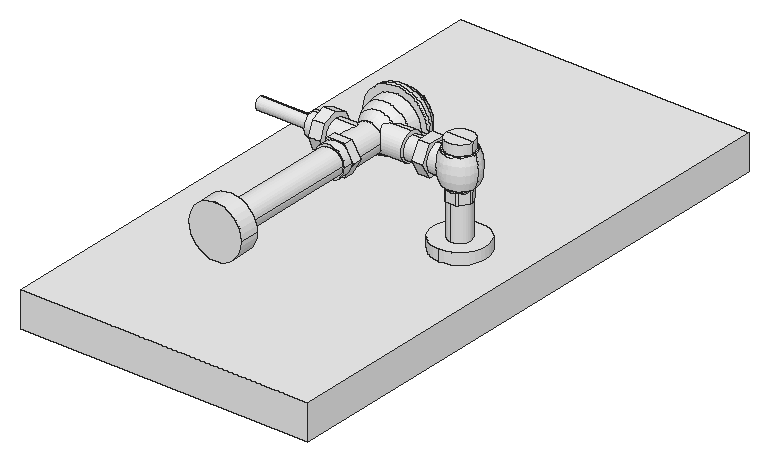
Revit family "Flush_valve-Manual-Zurn-Exposed-Water_closet-Z6000PL", category Plumbing Fixtures, host Face, Revit 2022
Family settings
  Host = Face
  Round Connector Dimension = Use Radius
  Part Type = Normal
  OmniClass Number = 23.45.05.14.99
  OmniClass Title = Other Sanitary Washing Plumbing Fixtures
  Cut with Voids When Loaded = No
  Maintain Annotation Orientation = No
  Shared = No
  Room Calculation Point = No
Parameters (values of type "Load Family Type Catalog")
  Waste Connection = 1 = 0  # no
  WFU = 0  # constant formula
  Vent Connection = 1 = 0  # no
  Valve Height [instance] = 11.50"
  Type Comments = "Z6000PL-ONE (1.1 GPF, 11-1/2\" R-I)"
  Repair Parts URL = "https://files.zurn.com/care-cleaning-install-warranty-sheets/fv250.pdf"
  Product data URL = "https://bimobject.com/zurnindustries/product/Z6000PL"
  Product Page URL = "https://www.zurn.com/products/finish-plumbing/manual-flush-valves/diaphragm/z6000pl"
  Product Installation Sheet URL = "https://files.zurn.com/care-cleaning-install-warranty-sheets/fv250.pdf"
  Product Documentation Link = "https://files.zurn.com/spec-sheets/ss-z6000.pdf"
  Operating Water Pressure (PSI) = "25 – 80 PSI (172 – 552 kPa)"  # constant formula
  Modified Date = "07/28/2025"  # constant formula
  Max Working Water Temperature = 104 °F  # constant formula
  Manufacturer Brand = "Zurn"  # constant formula
  Main Material = Chrome-Plated Brass - Zurn - Polished
  Inlet Connection Size (inch) = 1.00"
  HWFU = 0  # constant formula
  HW Connection = 1 = 0  # no
  Flush Rate (GPF) = "1.1 GPF"
  Enter Value of  Centerline of Flush Valve to Wall (2.25- 4.25) [instance] = 5.00"
  URL = "https://www.zurn.com/"
  Model = "Z6000PL"  # constant formula
  Manufacturer = "Zurn Water, LLC"  # constant formula
  Description = "Exposed Flush Valve for Water Closets"  # constant formula
  Default Elevation = 48.00"
  Date Created = "07/28/2025"  # constant formula
  Centerline of Stop Valve to Centerline of Flush Valve = 4.75"  # constant formula
  Centerline of Flush Valve to Wall [instance] = if([Enter Value of  Centerline of Flush Valve to Wall (2.25- 4.25)] < 2.25", 2.25", if([Enter Value of  Centerline of Flush Valve to Wall (2.25- 4.25)] > 4.25", 4.25", [Enter Value of  Centerline of Flush Valve to Wall (2.25- 4.25)]))  # 4.25"
  CWFU = 1  # constant formula
  CW Connection = 1 = 1  # yes
  Assembly Code = "D2010.60"
  Activation Method = "Manual Operated"  # constant formula
Reference planes (in)
  plane 1 "Center (Front/Back)": y = 0
  plane 2: z = 0
  plane 3 "Center (Left/Right)": x = 0
  plane 4: y = 0
  plane 5: x = 4.75
  plane 6: z = 4.25
  plane 7: z = 4.25
  plane 8: x = 1.44
  plane 9: z = 4.25
  plane 10: y = 22.38
  plane 11: x = -1.2
  plane 12: x = -1.5
  plane 13: y = 9.13
  plane 14: y = 8.63
  plane 15: y = 8.13
  plane 16: z = -2
  plane 17: y = 11.5
  plane 18: z = 0.625
  plane 19: y = 6.015
  plane 20: y = 5.45
Forms (in)
  Extrusion 1, solid, material "Chrome-Plated Brass - Zurn - Polished" <- "Main Material"
    sketch origin (20.08675, -5.08734, 0) x (1, 0, 0) y (0, 1, 0)
      loop
        line (-28.30267, 32.83734) -> (-28.30267, 1.43535) -> (-11.87083, 1.43535) -> (-11.87083, 32.83734) -> (-28.30267, 32.83734)
    from 0 to -2
  Revolve 2, solid, material "Chrome-Plated Brass - Zurn - Polished" <- "Main Material"
    sketch origin (3.14024, -180, 4.25) x (-1, 0, 0) y (0, -1, 0)
      loop
        line (3.14024, -188.13) -> (3.14024, -181.34) -> (2.39024, -181.34) -> (2.39024, -188.13) -> (3.14024, -188.13)
      axis (3.14024, -188.13) -> (3.14024, -181.34)
    angle from 0 to 360
  Extrusion 3, solid, material "Chrome-Plated Brass - Zurn - Polished" <- "Main Material", detail levels fine
    sketch origin (-21.97181, 22.38, 48) x (-1, 0, 0) y (0, 0, 1)
      loop
        line (-22.4793, -42.871) -> (-22.98679, -43.75) -> (-22.4793, -44.629) -> (-21.33031, -44.629) -> (-20.88983, -43.86605) -> (-21.46432, -42.871) -> (-22.4793, -42.871)
    from -13.25 to -13.75
  Extrusion 4, solid, material "Chrome-Plated Brass - Zurn - Polished" <- "Main Material", detail levels fine
    sketch origin (0, 0, 0) x (1, 0, 0) y (0, 0, 1)
      loop
        circle (0, 4.25) r 0.86693
    from -8.63 to -8.13
  Extrusion 5, solid, material "Chrome-Plated Brass - Zurn - Polished" <- "Main Material"
    sketch origin (0, 18.18451, 4.25) x (0, 1, 0) y (-1, 0, 0)
      loop
        circle (-6.68451, -4.75) r 1.5
    from -3.625 to -4.25
  Extrusion 6, solid, material "Chrome-Plated Brass - Zurn - Polished" <- "Main Material"
    sketch origin (0, 18.18451, 4.25) x (0, 1, 0) y (-1, 0, 0)
      loop
        circle (-6.68451, -4.75) r 0.625
    from 0 to -3.625
  Extrusion 7, solid, material "Chrome-Plated Brass - Zurn - Polished" <- "Main Material", detail levels coarse+medium
    sketch origin (0, 0, 0) x (1, 0, 0) y (0, 0, 1)
      loop
        circle (0, 4.25) r 1.08
    from -9.13 to -8.13
Lines and regions (in)
  Masking region 1
    outline origin (0, 0, 0) x (1, 0, 0) y (0, 0, 1)
      loop
        line (-5.75, 3.91) -> (-2.74, 3.91) -> (-2.74, 3.611) -> (-2.14, 3.611) -> (-2.14, 3.1937) -> (-1.5, 3.1937)
        arc (-1.5, 3.1937) -> (0.15878, 2.42228) -> (1.65968, 3.4682) r 1.8346
        line (1.65968, 3.4682) -> (2.82524, 3.4682) -> (2.82524, 3.24) -> (3.67284, 3.24) -> (3.67284, 0.625) -> (3.25, 0.625) -> (3.25, 0) -> (6.25, 0) -> (6.25, 0.625) -> (5.84, 0.625) -> (5.84, 5.7) -> (3.66, 5.7) -> (3.66, 5.26) -> (2.82524, 5.26) -> (2.82524, 5.03116) -> (1.65999, 5.03116)
        arc (1.65999, 5.03116) -> (0.15914, 6.07769) -> (-1.5, 5.3063) r 1.8346
        line (-1.5, 5.3063) -> (-2.14, 5.3063) -> (-2.14, 4.889) -> (-2.74, 4.889) -> (-2.74, 4.59) -> (-5.75, 4.59) -> (-5.75, 3.91)
  symbolic lines, detail levels fine
    curve 1: arc (16.13166, 1.53838, 0) -> (16.10438, 1.57544, 0) -> (16.06088, 1.56041, 0) r 0.03882
    curve 2: arc (16.01901, -1.49785, 0) -> (16.0878, -1.52321, 0) -> (16.13166, -1.46447, 0) r 0.06127
Dimensions and locks (in)
  locked: plane 4 to plane 1 "Center (Front/Back)"
  "Centerline of Stop Valve to Centerline of Flush Valve": plane 3 "Center (Left/Right)" to plane 5
  "Centerline of Flush Valve to Wall": plane 6 to Extrusion 1
  locked: plane 7 to plane 6
  locked: plane 3 "Center (Left/Right)" to plane 8 at 1.44
  locked: nested 2 to plane 9 at 1.45
  locked: nested 3 to Revolve 2 sketch curve at 0.75
  locked: plane 11 to plane 3 "Center (Left/Right)" at 1.2
  locked: plane 12 to plane 3 "Center (Left/Right)" at 1.5
  locked: plane 14 to plane 15 at 0.5
  equal spacing: Extrusion 1 sketch curve, plane 3 "Center (Left/Right)", Extrusion 1 sketch curve
  locked: Extrusion 1 sketch curve to Extrusion 1 sketch curve at 16.43183
  locked: plane 4 to Extrusion 1 sketch curve at 3.652
  locked: level to plane 16 at 2
  "Valve Height": plane 17 to plane 4
  locked: plane 18 to level at 0.625
  plane 15 to plane 19 = 2.115"
  locked: plane 15 to plane 20 at 2.68
  locked: plane 13 to plane 14 at 0.5
  locked: plane 17 to plane 13 at 2.37
  equal spacing: Masking region 1 sketch curve, nested 3, Masking region 1 sketch curve  (x3)
  locked: Masking region 1 sketch curve to Masking region 1 sketch curve at 0.68
  locked: Masking region 1 sketch curve to Masking region 1 sketch curve at 1.278
  locked: Masking region 1 sketch curve to Masking region 1 sketch curve at 2.1126
  equal spacing: Masking region 1 sketch curve, plane 5, Masking region 1 sketch curve  (x2)
  locked: Masking region 1 sketch curve to Masking region 1 sketch curve at 2.18
  locked: Masking region 1 sketch curve to Masking region 1 sketch curve at 3
  equal spacing: Masking region 1 sketch curve, plane 9, Masking region 1 sketch curve
  locked: Masking region 1 sketch curve to Masking region 1 sketch curve at 2.02
  aligned and locked: nested 1 to plane 3 "Center (Left/Right)"
  aligned and locked: nested 1 to plane 4
  aligned and locked: nested 1 to plane 7
  aligned and locked: nested 3 to plane 6
  aligned and locked: nested 3 to plane 3 "Center (Left/Right)"
  aligned and locked: plane 7 to plane 9
  aligned and locked: Revolve 2 sketch curve to plane 3 "Center (Left/Right)"
  aligned and locked: Extrusion 3 sketch curve to nested 3  (x5)
  aligned and locked: Extrusion 3 to plane 14
  aligned and locked: nested 1 to Extrusion 4 sketch curve  (x2)
  aligned and locked: Extrusion 4 to Extrusion 3
  aligned and locked: Extrusion 4 to plane 15
  aligned and locked: plane 17 to nested 2
  aligned and locked: plane 5 to Extrusion 5 sketch curve
  aligned and locked: plane 17 to Extrusion 5 sketch curve
  aligned and locked: Extrusion 5 to Extrusion 1
  aligned and locked: plane 18 to Extrusion 5
  aligned and locked: nested 2 to Extrusion 6 sketch curve
  aligned and locked: plane 17 to Extrusion 6 sketch curve
  aligned and locked: Extrusion 6 to Extrusion 5
  aligned and locked: nested 3 to Extrusion 6
  aligned and locked: Revolve 2 sketch curve to Extrusion 4
  aligned and locked: Revolve 2 sketch curve to Revolve 2 sketch curve
  aligned and locked: nested 3 to plane 17
  aligned and locked: plane 13 to Extrusion 3
  aligned and locked: nested 1 to Extrusion 7 sketch curve  (x2)
  aligned and locked: plane 13 to Extrusion 7
  aligned and locked: Extrusion 7 to plane 15
  aligned and locked: Masking region 1 sketch curve to nested 3  (x3)
  aligned and locked: nested 3 to Masking region 1 sketch curve  (x2)
  aligned and locked: Masking region 1 sketch curve to nested 2  (x3)
  aligned and locked: Extrusion 1 to Masking region 1 sketch curve
  aligned and locked: Masking region 1 sketch curve to Extrusion 5  (x2)
  aligned and locked: plane 3 "Center (Left/Right)" to Masking region 1 sketch curve
  aligned and locked: nested 1 to Masking region 1 sketch curve  (x3)
  aligned and locked: nested 1 to Revolve 2 sketch curve
Automatic sketch dimensions
  plane 1 "Center (Front/Back)" to curve 2 = 1.46447"
  plane 5 to curve 2 = 11.32039"
  curve 2 to curve 1 = 0.02245"
  curve 1 to plane 1 "Center (Front/Back)" = 1.53838"
  curve 2 to curve 2 = 0.05138"
  curve 1 to curve 1 = 0.03196"
  curve 1 to curve 1 = 0.03882"
  curve 2 to curve 2 = 0.06127"
  Extrusion 3 sketch curve to plane 3 "Center (Left/Right)" = 0.6415"
  Extrusion 3 sketch curve to plane 6 = 0.11605"
  Extrusion 1 sketch curve to Extrusion 1 sketch curve = 31.402"
  Masking region 1 sketch curve to plane 12 = 0.00"  (x2)
  plane 8 to Masking region 1 sketch curve = 0.21999"
  Masking region 1 sketch curve to Masking region 1 sketch curve = 0.8476"
  plane 8 to Masking region 1 sketch curve = 0.21968"
  Revolve 2 sketch curve to plane 15 = 0.00"
  plane 1 "Center (Front/Back)" to Revolve 2 sketch curve = 0.69"
  radius of Extrusion 4 sketch curve = 0.86693"
  radius of Extrusion 5 sketch curve = 1.50"
  radius of Extrusion 6 sketch curve = 0.625"
  radius of Extrusion 7 sketch curve = 1.08"
Nested families (in)
  nested 1: "1.Part_Tube_ genric" at (0, -3.28111, 4.25) x (-1, 0, 0) z (0, 1, 0), type "1.Part_Tube_ genric"
  nested 2: "3. Stop Valve" at (4.75, 11.5, 4.2375) x (-1, 0, 0) z (0, 0, 1), type "Family2"
  nested 3: "Manual FV-Head" at (0, 9.1333, 4.25) x (-1, 0, 0) z (0, 1, 0), type "Manual FV-Head"
Connectors (in)
  piping at (4.75, 11.5, 0), diameter 2, driven by "Inlet Connection Size (inch)", driven by "CW Connection"
    settings: on Extrusion 5, index 1, connector inside diameter 24", connector length 0.00", flow factor 0, pipe flow 0 GPM, pressure drop 0.00 psi, fitting loss kfactor 0, connector angle 0.00°, fixture units 0, engagement length 0.00", angle of deflection 0.00°, flow configuration 0, flow direction 1, fitting loss method 0, system type 20, joint type 0, gender type 0, connector reference index -1, connector utility 1, adjustable connector no, is connector primary yes, connector description "Dosmetic Water inlet"
Definition of nested family "1.Part_Tube_ genric"
  Parameters (values of type "1.Part_Tube_ genric")
    Default Elevation = 48.00"
  Reference planes (in)
    plane 1 "Center (Front/Back)": y = 0
    plane 2: z = 3.28111
    plane 3 "Center (Left/Right)": x = 0
    plane 4: x = -1.5
    plane 5: x = 1.5
    plane 6: z = 4.37111
    plane 7: z = 4.62111
  Forms (in)
    Extrusion 1, solid, detail levels fine
      sketch origin (0, 0, 3.28111) x (1, 0, 0) y (0, 1, 0)
        loop
          circle (0, 0) r 1.5
      from 0 to 1.09
    Extrusion 2, solid, detail levels fine
      sketch origin (0, 0, 3.28111) x (1, 0, 0) y (0, 1, 0)
        loop
          line (1.14898, -0.00001) -> (0.57452, 0.995) -> (-0.57453, 0.995) -> (-1.14898, 0.00001) -> (-0.57452, -0.995) -> (0.57453, -0.995) -> (1.14898, -0.00001)
      from 1.09 to 1.34
    Revolve 3, solid, detail levels coarse+medium
      sketch origin (0, 0, 0) x (1, 0, 0) y (0, 0, 1)
        loop
          line (-1.14898, 4.62111) -> (-1.14898, 4.37111) -> (-1.5, 4.37111) -> (-1.5, 3.28111) -> (0, 3.28111) -> (0, 4.62111) -> (-1.14898, 4.62111)
        axis (0, 4.62111) -> (0, 3.28111)
      angle from 0 to 360
  Dimensions and locks (in)
    equal spacing: plane 5, plane 3 "Center (Left/Right)", plane 4, locked at 1.5 each
    locked: plane 3 "Center (Left/Right)" to plane 4 at 1.5
    locked: plane 6 to level at 1.09
    locked: plane 7 to plane 6 at 0.25
    equal spacing: Extrusion 2 sketch curve, plane 1 "Center (Front/Back)", Extrusion 2 sketch curve
    locked: Extrusion 2 sketch curve to Extrusion 2 sketch curve at 1.99
    equal spacing: Extrusion 2 sketch curve, plane 3 "Center (Left/Right)", Extrusion 2 sketch curve  (x2)
    locked: Extrusion 2 sketch curve to Extrusion 2 sketch curve at 1.99011
    locked: Extrusion 2 sketch curve to Extrusion 2 sketch curve at 1.99009
    locked: Extrusion 2 sketch curve to Extrusion 2 sketch curve (angle 120.00°)  (x5)
    angle Extrusion 2 sketch curve to Extrusion 2 sketch curve = 120.00°
    aligned and locked: plane 2 to level
    aligned and locked: plane 3 "Center (Left/Right)" to Extrusion 1 sketch curve
    aligned and locked: plane 1 "Center (Front/Back)" to Extrusion 1 sketch curve
    aligned and locked: plane 6 to Extrusion 1
    aligned and locked: plane 7 to Extrusion 2
    aligned and locked: Extrusion 2 to Extrusion 1
    aligned and locked: Revolve 3 sketch curve to Extrusion 2
    aligned and locked: plane 6 to Revolve 3 sketch curve
    aligned and locked: Revolve 3 sketch curve to plane 4
    aligned and locked: Revolve 3 sketch curve to level
    aligned and locked: Revolve 3 sketch curve to plane 3 "Center (Left/Right)"  (x2)
    aligned and locked: Extrusion 2 to Revolve 3 sketch curve
  Automatic sketch dimensions
    Revolve 3 sketch curve to level = 0.41"
    plane 7 to Revolve 3 sketch curve = 0.50"
    radius of Extrusion 1 sketch curve = 1.50"
Definition of nested family "3. Stop Valve"
  Parameters (values of type "Family2")
    Default Elevation = 0.00"
  Reference planes (in)
    plane 1 "Center (Front/Back)": y = 0
    plane 2: z = 0
    plane 3 "Center (Left/Right)": x = 0
  Dimensions and locks (in)
    aligned and locked: plane 2 to level
  Nested families (in)
    nested 1: "Stop Valve_ plumbing Fixture_ Genric Template" at (0, 0, 0) x (-1, 0, 0) z (0, -1, 0), type "3.Part_ Stop Valve"
  Definition of nested family "Stop Valve_ plumbing Fixture_ Genric Template"
    Parameters (values of type "3.Part_ Stop Valve")
      Stop Body Finish = none
      Default Elevation = 48.00"
      Assembly Code = ""
    Reference planes (in)
      plane 1 "Center (Front/Back)": y = 0
      plane 2: z = 0
      plane 3 "Center (Left/Right)": x = 0
      plane 4: x = -3.1
      plane 5 "Middle Plane": z = 0
      plane 6: x = 0
      plane 7: x = -3.1
    Forms (in)
      Revolve 1, solid, material <- "Stop Body Finish", detail levels fine
        sketch origin (5.11008, 2.28141, 0) x (-1, 0, 0) y (0, -1, 0)
          loop
            line (4.36008, 3.18991) -> (4.25498, 3.18991)
            arc (4.25498, 3.18991) -> (4.22986, 3.18245) -> (4.21289, 3.16248) r 0.046
            arc (4.21289, 3.16248) -> (4.03022, 2.31942) -> (4.19363, 1.47241) r 2.15
            line (4.19363, 1.47241) -> (4.27508, 1.47241)
            arc (4.27508, 1.47241) -> (4.36347, 1.4358) -> (4.40008, 1.34741) r 0.125
            line (4.40008, 1.34741) -> (4.40008, 1.29134) -> (4.46008, 1.18741) -> (5.11008, 1.18741) -> (5.11008, 3.74391) -> (4.36008, 3.74391) -> (4.36008, 3.18991)
          axis (5.11008, 3.74391) -> (5.11008, 1.18741)
        angle from 0 to 360
      Revolve 2, solid, material <- "Stop Body Finish", detail levels fine
        sketch origin (5.11008, 2.29491, 0) x (-1, 0, 0) y (0, -1, 0)
          loop
            line (6.40484, 2.29491) -> (6.40484, 3.07741) -> (4.98008, 3.07741) -> (4.98008, 2.29491) -> (6.40484, 2.29491)
          axis (4.98008, 2.29491) -> (6.40484, 2.29491)
        angle from 0 to 360
      Extrusion 3, solid, material <- "Stop Body Finish", detail levels fine
        sketch origin (0, 0.96642, 0) x (1, 0, 0) y (0, 0, -1)
          loop
            line (-0.70575, -0.07761) -> (-0.42009, -0.57239)
            arc (-0.42009, -0.57239) -> (-0.355, -0.61488) -> (-0.28566, -0.65) r 0.71
            line (-0.28566, -0.65) -> (0.28566, -0.65)
            arc (0.28566, -0.65) -> (0.355, -0.61488) -> (0.42009, -0.57239) r 0.71
            line (0.42009, -0.57239) -> (0.70575, -0.07761)
            arc (0.70575, -0.07761) -> (0.71, 0) -> (0.70575, 0.07761) r 0.71
            line (0.70575, 0.07761) -> (0.42009, 0.57239)
            arc (0.42009, 0.57239) -> (0.355, 0.61488) -> (0.28566, 0.65) r 0.71
            line (0.28566, 0.65) -> (-0.28566, 0.65)
            arc (-0.28566, 0.65) -> (-0.355, 0.61488) -> (-0.42009, 0.57239) r 0.71
            line (-0.42009, 0.57239) -> (-0.70575, 0.07761)
            arc (-0.70575, 0.07761) -> (-0.71, 0) -> (-0.70575, -0.07761) r 0.71
        from 0 to 0.70508
      Extrusion 4, solid, material <- "Stop Body Finish", detail levels fine
        sketch origin (-1.29476, 0, 0) x (0, 0, -1) y (0, -1, 0)
          loop
            line (-0.50085, 0.8675) -> (-1.0017, 0) -> (-0.50085, -0.8675) -> (0.50085, -0.8675) -> (1.0017, 0) -> (0.50085, 0.8675) -> (-0.50085, 0.8675)
        from 0 to 0.63
      Extrusion 5, solid, detail levels fine
        sketch origin (-1.92476, 0, 0) x (0, 0, -1) y (0, -1, 0)
          loop
            circle (0, 0) r 0.6385
        from 0 to 1.17524
      Extrusion 6, solid, detail levels coarse+medium
        sketch origin (0, 0, 0) x (1, 0, 0) y (0, 0, 1)
          loop
            circle (0, 0) r 1.085
        from 1.4625 to -1.6715
      Revolve 7, solid, detail levels coarse+medium
        sketch origin (0, 0, 0) x (1, 0, 0) y (0, 1, 0)
          loop
            line (-3.1, 0) -> (0, 0) -> (0, 0.7825) -> (-1.29476, 0.7825) -> (-1.29476, 0.995) -> (-1.92476, 0.995) -> (-1.92476, 0.64096) -> (-3.1, 0.64096) -> (-3.1, 0)
          axis (-3.1, 0) -> (0, 0)
        angle from 0 to 360
    Cuts and joins
      joined: Revolve 1, Revolve 2, Extrusion 3, Extrusion 4
    Lines and regions (in)
      model lines, not visible
        curve 1: circle (0, -1.4625, 0) r 0.75 normal (0, -1, 0)
        curve 2: circle (0, 1.6715, 0.02784) r 0.71055 normal (0, -1, 0)
        curve 3: line (-1.29476, -0.7825, 0) -> (-0.93627, -0.7825, 0)
        curve 4: line (-0.93627, -0.7825, 0) -> (-0.89082, -0.9085, 0)
        curve 5: line (-0.75, -1.4625, 0) -> (-0.75, -0.9085, 0)
        curve 8: arc (0.86386, -0.9085, 0) -> (1.07581, -0.05543, 0) -> (0.91645, 0.809, 0) r 2.07986
        curve 9: line (0.71055, 1.6715, 0) -> (0.71055, 0.809, 0)
        curve 10: line (-0.71, 1.6715, 0) -> (-0.71, 0.809, 0)
        curve 11: line (-0.92722, 0.7825, 0) -> (-1.29476, 0.7825, 0)
      model lines, not visible, detail levels coarse+medium
        curve 6: line (0.75, -1.4625, 0) -> (0.75, -0.9085, 0)
        curve 7: line (0.75, -0.9085, 0) -> (0.86386, -0.9085, 0)
    Dimensions and locks (in)
      plane 3 "Center (Left/Right)" to plane 4 = 3.10"
      locked: plane 1 "Center (Front/Back)" to Revolve 7 sketch curve at 0.64096
      plane 1 "Center (Front/Back)" to Revolve 7 sketch curve = 0.995"
      locked: plane 5 "Middle Plane" to level
      locked: plane 6 to plane 3 "Center (Left/Right)"
      locked: plane 7 to plane 6 at 3.1
      aligned and locked: level to plane 2
      aligned and locked: plane 1 "Center (Front/Back)" to Extrusion 5 sketch curve
      aligned and locked: level to Extrusion 5 sketch curve
      aligned and locked: Extrusion 5 to plane 4
      aligned and locked: plane 3 "Center (Left/Right)" to Extrusion 6 sketch curve
      aligned and locked: level to Extrusion 6 sketch curve
      aligned and locked: Extrusion 6 to curve 2
      aligned and locked: Extrusion 6 to curve 1
      aligned and locked: Revolve 7 sketch curve to plane 3 "Center (Left/Right)"
      aligned and locked: plane 1 "Center (Front/Back)" to Revolve 7 sketch curve  (x2)
      aligned and locked: Revolve 7 sketch curve to cut or joined group of Revolve 1, Revolve 2, Extrusion 3, Extrusion 4  (x2)
      aligned and locked: Revolve 7 sketch curve to curve 11
      aligned and locked: plane 4 to Revolve 7 sketch curve
Definition of nested family "Manual FV-Head"
  Parameters (values of type "Manual FV-Head")
    Repair Parts URL = ""
    Product data URL = ""
    Product Weight (lbs) = 0
    Product Page URL = ""
    Product Installation Sheet URL = ""
    Product Documentation Link = ""
    Operating Water Pressure (PSI) = ""
    Modified Date = ""
    Max Working Water Temperature = -459.67 °F
    Manufacturer Brand = ""
    Main Material = none
    Inlet Connection Size (inch) = 0.00"
    Flush Rate (GPF) = ""
    Flow Rate (GPM) = 0 GPM
    Default Elevation = 48.00"
    Date Created = ""
    Aerator Flow Rate (GPM) = 0.0 gal
    Activation Method = ""
  Reference planes (in)
    plane 1 "Center (Front/Back)": y = 0
    plane 2: z = 0
    plane 3 "Center (Left/Right)": x = 0
    plane 4: z = 3.703
    plane 5: z = 4.843
    plane 6: x = 1.8325
    plane 7: x = 1.25
    plane 8: z = 4.07
    plane 9: z = 4.843
    plane 10: z = 5.113
    plane 11: x = -1.452
    plane 12: x = -0.8395
    plane 13: z = 2.69
    plane 14: z = 1.346
    plane 15: z = 1.261
    plane 16: x = 1.45
    plane 17: x = 2.14
    plane 18: x = 2.74
    plane 19: x = 5.75
    plane 20: z = 2.3667
    plane 21: x = -2
  Forms (in)
    Revolve 1, solid, material <- "Main Material", detail levels fine
      sketch origin (0, 0, 0) x (1, 0, 0) y (0, 0, 1)
        loop
          line (0, 3.703) -> (1.8325, 3.703) -> (1.8325, 3.9027)
          arc (1.8325, 3.9027) -> (1.80666, 4.06135) -> (1.73182, 4.20361) r 0.5
          line (1.73182, 4.20361) -> (1.40003, 4.64391)
          arc (1.40003, 4.64391) -> (1.22381, 4.79047) -> (1.00071, 4.843) r 0.5
          line (1.00071, 4.843) -> (0, 4.843) -> (0, 3.703)
        axis (0, 4.843) -> (0, 3.703)
      angle from 0 to 360
    Extrusion 2, solid, material <- "Main Material", detail levels fine
      sketch origin (0, 0, 0) x (1, 0, 0) y (0, 1, 0)
        loop
          line (-0.50749, 0.879) -> (-1.01498, 0) -> (-0.50749, -0.879) -> (0.50749, -0.879) -> (1.01498, 0) -> (0.50749, 0.879) -> (-0.50749, 0.879)
      from 4.843 to 5.113
    Revolve 3, solid, material <- "Main Material", detail levels fine
      sketch origin (0, 0, 0) x (1, 0, 0) y (0, 0, 1)
        loop
          line (0, 1.8) -> (0, 3.703) -> (-1.452, 3.703) -> (-1.33315, 2.99744)
          arc (-1.33315, 2.99744) -> (-1.25374, 2.71616) -> (-1.11572, 2.45853) r 1.35193
          arc (-1.11572, 2.45853) -> (-0.91135, 2.15706) -> (-0.8395, 1.8) r 0.92309
          line (-0.8395, 1.8) -> (0, 1.8)
        axis (0, 3.703) -> (0, 1.8)
      angle from 0 to 360
    Extrusion 4, solid, material <- "Main Material"
      sketch origin (0, 0, 0) x (0, 1, 0) y (0, 0, 1)
        loop
          circle (0, 1.261) r 0.764
      from 0 to 1.45
    Extrusion 5, solid, material <- "Main Material"
      sketch origin (0, 0, 0) x (0, 1, 0) y (0, 0, 1)
        loop
          circle (0, 1.261) r 0.639
      from 2.14 to 2.74
    Extrusion 6, solid, material <- "Main Material", detail levels coarse+medium
      sketch origin (0, 0, 0) x (0, 1, 0) y (0, 0, 1)
        loop
          circle (0, 1.261) r 1.0563
      from 2.14 to 1.45
    Revolve 7, solid, material <- "Main Material", detail levels coarse+medium
      sketch origin (0, 0, 0) x (1, 0, 0) y (0, 0, 1)
        loop
          line (0, 1.8) -> (0.8395, 1.8)
          arc (0.8395, 1.8) -> (1.2915, 2.70924) -> (1.5, 3.703) r 4
          line (1.5, 3.703) -> (1.8484, 3.703) -> (1.8484, 4.843) -> (1.01498, 4.843) -> (1.01498, 5.113) -> (0, 5.113) -> (0, 1.8)
        axis (0, 5.113) -> (0, 1.8)
      angle from 0 to 360
    Extrusion 8, solid, material <- "Main Material"
      sketch origin (0, 0, 0) x (1, 0, 0) y (0, 1, 0)
        loop
          circle (0, 0) r 0.8143
      from 0 to 1.8
    Extrusion 9, solid, material <- "Main Material", detail levels fine
      sketch origin (0, 0, 0) x (0, 1, 0) y (0, 0, 1)
        loop
          line (0, 2.311) -> (-0.74246, 2.00346) -> (-1.05, 1.261) -> (-0.74246, 0.51854) -> (0, 0.211) -> (0.74246, 0.51854) -> (1.05, 1.261) -> (0.74246, 2.00346) -> (0, 2.311)
      from 1.45 to 2.14
    Extrusion 10, solid, material <- "Main Material"
      sketch origin (0, 0, 0) x (0, 1, 0) y (0, 0, 1)
        loop
          circle (0, 1.261) r 0.34
      from 2.74 to 5.75
    Extrusion 11, solid, material <- "Main Material"
      sketch origin (0, 0, 0) x (0, 1, 0) y (0, 0, 1)
        loop
          circle (0, 2.3667) r 0.7813
      from -2 to 0
  Dimensions and locks (in)
    locked: level to plane 4 at 3.703
    locked: plane 4 to plane 5 at 1.14
    locked: plane 4 to plane 8 at 0.367
    equal spacing: Extrusion 2 sketch curve, plane 3 "Center (Left/Right)", Extrusion 2 sketch curve, locked at 1.01498 each
    equal spacing: Extrusion 2 sketch curve, plane 3 "Center (Left/Right)", Extrusion 2 sketch curve, locked at 0.879 each  (x2)
    locked: plane 9 to plane 4 at 1.14
    locked: plane 10 to plane 9 at 0.27
    locked: plane 3 "Center (Left/Right)" to plane 11 at 1.452
    locked: plane 3 "Center (Left/Right)" to plane 12 at 0.8395
    locked: plane 13 to level at 2.69
    locked: Revolve 3 sketch curve to plane 13 at 0.532
    locked: plane 13 to Revolve 3 sketch curve at 0.89
    equal spacing: plane 3 "Center (Left/Right)", Revolve 3 sketch curve, Revolve 3 sketch curve
    locked: plane 14 to level at 1.346
    locked: plane 15 to level at 1.261
    equal spacing: Extrusion 2 sketch curve, plane 1 "Center (Front/Back)", Extrusion 2 sketch curve, locked at 0.879 each
    locked: Revolve 7 sketch curve to plane 3 "Center (Left/Right)" at 1.8484
    locked: Revolve 7 sketch curve to Revolve 7 sketch curve at 2.48735
    locked: Revolve 7 sketch curve to plane 4 at 0.31782
    equal spacing: Extrusion 9 sketch curve, plane 15, Extrusion 9 sketch curve  (x4)
    locked: Extrusion 9 sketch curve to Extrusion 9 sketch curve at 1.94015  (x4)
    locked: plane 16 to plane 3 "Center (Left/Right)" at 1.45
    locked: plane 17 to plane 16 at 0.69
    locked: plane 18 to plane 3 "Center (Left/Right)" at 2.74
    locked: plane 19 to plane 3 "Center (Left/Right)" at 5.75
    locked: plane 20 to level at 2.3667
    locked: plane 3 "Center (Left/Right)" to plane 21 at 2
    radius of Extrusion 8 sketch curve = 0.8143"
    radius of Extrusion 10 sketch curve = 0.34"
    locked: Extrusion 2 sketch curve to Extrusion 2 sketch curve (angle 120.00°)  (x4)
    angle Extrusion 2 sketch curve to Extrusion 2 sketch curve = 120.00°
    locked: Extrusion 9 sketch curve to Extrusion 9 sketch curve (angle 135.00°)  (x7)
    angle Extrusion 9 sketch curve to Extrusion 9 sketch curve = 135.00°
    aligned and locked: plane 2 to level
    aligned and locked: Revolve 1 sketch curve to plane 3 "Center (Left/Right)"  (x2)
    aligned and locked: plane 5 to Revolve 1 sketch curve
    aligned and locked: Extrusion 2 to plane 9
    aligned and locked: plane 10 to Extrusion 2
    aligned and locked: plane 11 to Revolve 3 sketch curve
    aligned and locked: plane 12 to Revolve 3 sketch curve
    aligned and locked: Revolve 3 sketch curve to Revolve 3 sketch curve
    aligned and locked: plane 3 "Center (Left/Right)" to Revolve 3 sketch curve
    aligned and locked: plane 4 to Revolve 3 sketch curve
    aligned and locked: Revolve 3 sketch curve to plane 3 "Center (Left/Right)"
    aligned and locked: plane 15 to Extrusion 4 sketch curve
    aligned and locked: plane 1 "Center (Front/Back)" to Extrusion 4 sketch curve
    aligned and locked: plane 1 "Center (Front/Back)" to Extrusion 5 sketch curve
    aligned and locked: plane 15 to Extrusion 5 sketch curve
    aligned and locked: plane 1 "Center (Front/Back)" to Extrusion 6 sketch curve
    aligned and locked: plane 15 to Extrusion 6 sketch curve
    aligned and locked: Revolve 7 sketch curve to Extrusion 2
    aligned and locked: plane 10 to Revolve 7 sketch curve
    aligned and locked: Revolve 7 sketch curve to plane 3 "Center (Left/Right)"  (x2)
    aligned and locked: Revolve 7 sketch curve to plane 4
    aligned and locked: plane 9 to Revolve 7 sketch curve
    aligned and locked: Revolve 3 to Revolve 7 sketch curve
    aligned and locked: plane 3 "Center (Left/Right)" to Extrusion 8 sketch curve
    aligned and locked: plane 1 "Center (Front/Back)" to Extrusion 8 sketch curve
    aligned and locked: Extrusion 8 to Revolve 3
    aligned and locked: Extrusion 8 to level
    aligned and locked: plane 1 "Center (Front/Back)" to Extrusion 10 sketch curve
    aligned and locked: plane 15 to Extrusion 10 sketch curve
    aligned and locked: plane 16 to Extrusion 4
    aligned and locked: Extrusion 4 to plane 3 "Center (Left/Right)"
    aligned and locked: plane 17 to Extrusion 9
    aligned and locked: Extrusion 9 to Extrusion 4
    aligned and locked: plane 18 to Extrusion 5
    aligned and locked: Extrusion 5 to Extrusion 9
    aligned and locked: plane 19 to Extrusion 10
    aligned and locked: Extrusion 10 to Extrusion 5
    aligned and locked: Extrusion 6 to Extrusion 9
    aligned and locked: plane 1 "Center (Front/Back)" to Extrusion 11 sketch curve
    aligned and locked: plane 20 to Extrusion 11 sketch curve
    aligned and locked: plane 3 "Center (Left/Right)" to Extrusion 11
    aligned and locked: Extrusion 11 to plane 21
  Automatic sketch dimensions
    plane 1 "Center (Front/Back)" to Extrusion 2 sketch curve = 0.00"
    Extrusion 2 sketch curve to plane 3 "Center (Left/Right)" = 0.50749"
    plane 6 to Revolve 1 sketch curve = 0.00"
    Revolve 1 sketch curve to plane 4 = 0.00"
    plane 7 to Revolve 1 sketch curve = 0.24929"
    Revolve 1 sketch curve to plane 7 = 0.0825"
    Revolve 1 sketch curve to plane 7 = 0.15003"
    plane 6 to Revolve 1 sketch curve = 0.10068"
    Revolve 1 sketch curve to plane 4 = 0.5634"
    Revolve 1 sketch curve to Revolve 1 sketch curve = 0.2966"
    Revolve 3 sketch curve to plane 3 "Center (Left/Right)" = 0.00"
    Revolve 3 sketch curve to plane 11 = 0.31059"
    plane 11 to Revolve 3 sketch curve = 0.11885"
    Revolve 3 sketch curve to Revolve 3 sketch curve = 0.16645"
    Revolve 3 sketch curve to Revolve 3 sketch curve = 0.21859"
    Extrusion 2 sketch curve to Extrusion 2 sketch curve = 0.50749"
    Revolve 7 sketch curve to Revolve 7 sketch curve = 0.3484"
    plane 14 to Revolve 7 sketch curve = 0.15706"
    Revolve 7 sketch curve to Revolve 7 sketch curve = 0.39006"
    Extrusion 9 sketch curve to plane 15 = 0.00"
    radius of Extrusion 4 sketch curve = 0.764"
    radius of Extrusion 5 sketch curve = 0.639"
    radius of Extrusion 6 sketch curve = 1.0563"
    radius of Extrusion 11 sketch curve = 0.7813"
Types in the file's own list only (24): name | Type Comments | Inlet Connection Size (inch) | Flush Rate (GPF) | Default Elevation | Centerline of Stop Valve to Centerline of Flush Valve
  Z6000PL-ONE (1.1 GPF, 11-1/2") | "Z6000PL-ONE (1.1 GPF, 11-1/2\" R-I)" | 1.00 " | "1.1 GPF" | 48.00 " | 4.75 "
  Z6000PL-HET (1.28 GPF, 11-1/2") | "Z6000PL-HET (1.28 GPF, 11-1/2\" R-I)" | 1.00 " | "1.28 GPF" | 48.00 " | 4.75 "
  Z6000PL-WS1-DF (1.6 GPF / 1.1 GPF, 11-1/2") | "Z6000PL-WS1-DF (1.6 GPF / 1.1 GPF, 11-1/2\" R-I)" | 1.00 " | "1.6 GPF / 1.1 GPF" | 48.00 " | 4.75 "
  Z6000PL-DF (3.5 GPF / 2.4 GPF, 11-1/2") | "Z6000PL-DF (3.5 GPF / 2.4 GPF, 11-1/2\" R-I)" | 1.00 " | "3.5 GPF / 2.4 GPF" | 48.00 " | 4.75 "
  Z6000PL-WS1 (1.6 GPF, 11-1/2") | "Z6000PL-WS1 (1.6 GPF, 11-1/2\" R-I)" | 1.00 " | "1.6 GPF" | 48.00 " | 4.75 "
  Z6000PL (3.5 GPF, 11-1/2") | "Z6000PL (3.5 GPF, 11-1/2\" R-I)" | 1.00 " | "3.5 GPF" | 48.00 " | 4.75 "
  Z6000PL-1-ONE (1.1 GPF, 16") | "Z6000PL-1-ONE (1.1 GPF, 16\" R-I)" | 1.00 " | "1.1 GPF" | 48.00 " | 4.75 "
  Z6000PL-1-HET (1.28 GPF, 16") | "Z6000PL-1-HET (1.28 GPF, 16\" R-I)" | 1.00 " | "1.28 GPF" | 48.00 " | 4.75 "
  Z6000PL-1-WS1-DF (1.6 GPF / 1.1 GPF, 16") | "Z6000PL-1-WS1-DF (1.6 GPF / 1.1 GPF, 16\" R-I)" | 1.00 " | "1.6 GPF / 1.1 GPF" | 48.00 " | 4.75 "
  Z6000PL-1-DF (3.5 GPF / 2.4 GPF, 16") | "Z6000PL-1-DF (3.5 GPF / 2.4 GPF, 16\" R-I)" | 1.00 " | "3.5 GPF / 2.4 GPF" | 48.00 " | 4.75 "
  Z6000PL-1-WS1 (1.6 GPF, 16") | "Z6000PL-1-WS1 (1.6 GPF, 16\" R-I)" | 1.00 " | "1.6 GPF" | 48.00 " | 4.75 "
  Z6000PL-1 (3.5 GPF, 16") | "Z6000PL-1 (3.5 GPF, 16\" R-I)" | 1.00 " | "3.5 GPF" | 48.00 " | 4.75 "
  Z6000PL-2-ONE (1.1 GPF, 24") | "Z6000PL-2-ONE (1.1 GPF, 24\" R-I)" | 1.00 " | "1.1 GPF" | 48.00 " | 4.75 "
  Z6000PL-2-HET (1.28 GPF, 24") | "Z6000PL-2-HET (1.28 GPF, 24\" R-I)" | 1.00 " | "1.28 GPF" | 48.00 " | 4.75 "
  Z6000PL-2-WS1-DF (1.6 GPF / 1.1 GPF, 24") | "Z6000PL-2-WS1-DF (1.6 GPF / 1.1 GPF, 24\" R-I)" | 1.00 " | "1.6 GPF / 1.1 GPF" | 48.00 " | 4.75 "
  Z6000PL-2-DF (3.5 GPF / 2.4 GPF, 24") | "Z6000PL-2-DF (3.5 GPF / 2.4 GPF, 24\" R-I)" | 1.00 " | "3.5 GPF / 2.4 GPF" | 48.00 " | 4.75 "
  Z6000PL-2-WS1 (1.6 GPF, 24") | "Z6000PL-2-WS1 (1.6 GPF, 24\" R-I)" | 1.00 " | "1.6 GPF" | 48.00 " | 4.75 "
  Z6000PL-2 (3.5 GPF, 24") | "Z6000PL-2 (3.5 GPF, 24\" R-I)" | 1.00 " | "3.5 GPF" | 48.00 " | 4.75 "
  Z6000PL-3-ONE (1.1 GPF, 27") | "Z6000PL-3-ONE (1.1 GPF, 27\" R-I)" | 1.00 " | "1.1 GPF" | 48.00 " | 4.75 "
  Z6000PL-3-HET (1.28 GPF, 27") | "Z6000PL-3-HET (1.28 GPF, 27\" R-I)" | 1.00 " | "1.28 GPF" | 48.00 " | 4.75 "
  Z6000PL-3-WS1-DF (1.6 GPF / 1.1 GPF, 27") | "Z6000PL-3-WS1-DF (1.6 GPF / 1.1 GPF, 27\" R-I)" | 1.00 " | "1.6 GPF / 1.1 GPF" | 48.00 " | 4.75 "
  Z6000PL-3-DF (3.5 GPF / 2.4 GPF, 27") | "Z6000PL-3-DF (3.5 GPF / 2.4 GPF, 27\" R-I)" | 1.00 " | "3.5 GPF / 2.4 GPF" | 48.00 " | 4.75 "
  Z6000PL-3-WS1 (1.6 GPF, 27") | "Z6000PL-3-WS1 (1.6 GPF, 27\" R-I)" | 1.00 " | "1.6 GPF" | 48.00 " | 4.75 "
  Z6000PL-3 (3.5 GPF, 27") | "Z6000PL-3 (3.5 GPF, 27\" R-I)" | 1.00 " | "3.5 GPF" | 48.00 " | 4.75 "
